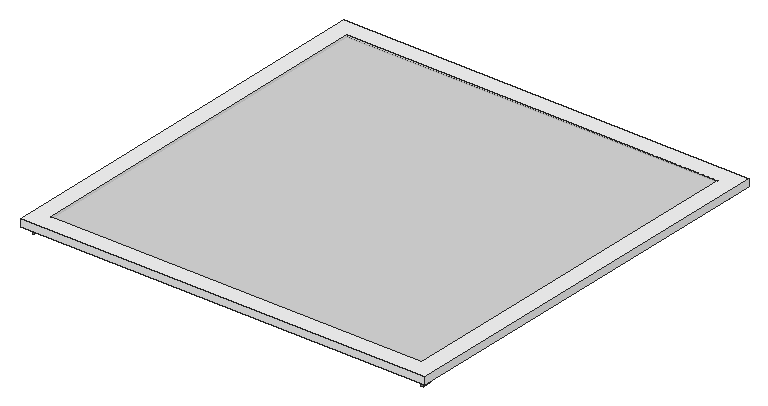
Revit family "0047647 Feilo Sylvania Lighting Fixtures START FLAT HE 600 4000K DALI G2", category Lighting Fixtures, host Face, Revit 2017
Family settings
  Host = Face
  Round Connector Dimension = Use Diameter
  Part Type = Normal
  OmniClass Number = 23.80.70.11.17
  OmniClass Title = Specialized Lighting by Location or Use
  Cut with Voids When Loaded = No
  Light Source = Yes
  Shared = No
  Room Calculation Point = No
Parameters (values of type "0047647 START FLAT HE 600 4000K DALI G2")
  Weight = "12.25 kg"
  Wattage = 36 W
  WarrantyStartDate [instance] = "n/a"
  WarrantyGuarantorParts = "n/a"
  WarrantyDurationUnit = "n/a"
  WarrantyDurationParts = "n/a"
  WarrantyDescription = "n/a"
  built-in parameter 1150110 = 1 (stored number, unit not read)
  Voltage = 230 V
  URL = "http://www.sylvania-lighting.com"
  TypeName = "START FLAT HE 600 4000K DALI G2"
  built-in parameter 1114217 = 1 (stored number, unit not read)
  Tilt Angle = -90.00°
  built-in parameter 1150109 = 1 (stored number, unit not read)
  built-in parameter 1150134 = 12
  built-in parameter 1150113 = 1 (stored number, unit not read)
  SerialNumber [instance] = "n/a"
  PowerFactor = 0.98
  PowerConsumption = "36 W"
  Photometric Web File = "0047647.ies"
  NominalWidth = 0.0 mm
  NominalLength = 595.0 mm
  NominalHeight = 10.5 mm
  Name = "START FLAT HE 600 4000K DALI G2"
  ModelReference = "START FLAT HE 600 4000K DALI G2"
  ModelNumber = "0047647"
  Material = "aluminium housing, pmma diffuser"
  ManufacturerName = "Feilo Sylvania"
  LuminousEfficacy = "120 lm/W"
  LuminaireType = ""
  LightOutputRatio = "n/a"
  LampsType = Lamp  # "Integrated LED"
  LampNominalLuminous = "4200 lm"
  LampMacAdamStep = "6"
  LampColourTemperature = "4000 K"
  LampColourRenderingIndex = "80"
  Keynote = "16500"
  InstallationDate [instance] = "n/a"
  InputVoltage = "220-240V~"
  InputNominalFrequency = "50/60 Hz"
  IngressProtection = "IP20"
  ImpactProtectionIndex = "IK03"
  IfcExportType = "IfcLightFixtureType"
  IfcExportAs = "IfcLightFixtureType"
  ExpectedLife = 50000
  ElectricShockClassification = "Class II"
  DurationUnit = "hours"
  DocumentationLiterature = "http://www.sylvania-lighting.com/product/en-int/products/0047647"
  DimmingControlOptions = "Dimmable"
  DiffuserMaterial = Polycarbonate_Sylvania_Startflat Panel LED_Opal
  Cutout Width = 574.0 mm
  Cutout Length = 574.0 mm
  CreatedOn = "11/30/2017"
  CreatedBy = ""
  built-in parameter 1114216 [instance] = 1 (stored number, unit not read)
  Model = "START FLAT HE 600 4000K DALI G2"
  Manufacturer = "Feilo-Sylvania Group"
  built-in parameter 1150105 = 343.77 (stored number, unit not read)
  Lumens = 4320 lm
  built-in parameter 1150115 = 1 (stored number, unit not read)
  built-in parameter 1150137 = (empty or 0)
  built-in parameter 1150139 = (empty or 0)
  built-in parameter 1150112 = 1 (stored number, unit not read)
  built-in parameter 1150114 = 1 (stored number, unit not read)
  Lamp = "Integrated LED"  # constant formula
  built-in parameter 1150132 = 2
  built-in parameter 1150102 = (empty or 0)
  built-in parameter 1150107 = 4000 (stored number, unit not read)
  built-in parameter 1150138 = (empty or 0)
  built-in parameter 1150106 = 3.4377 (stored number, unit not read)
  BodyMaterial = Metal_Sylvania_Startflat Panel LED_White
  Emit from Rectangle Width = 545.0 mm
  Emit from Rectangle Length = 545.0 mm
  Emit Shape Visible in Rendering = no
  built-in parameter 1150104 = 11.148 (stored number, unit not read)
  Dimming Lamp Color Temperature Shift = <None>
  Description = "Ultra thin LED Panel, excellent uniformity of light, perfect for ceilings with low voids, high efficacy.Ulta thin edgelit LED 600x600mm Panel with, excellent uniform light distribution. Acrylic PMMA diffuser optimising light output whilst reducing glare. 4239lm 93lm/W."  # constant formula
  Default Elevation = 0.0 mm
  Color Filter = 16777215
  built-in parameter 1140040 [instance] = 1
  BarCode [instance] = "n/a"
  built-in parameter 1114218 = 1 (stored number, unit not read)
  built-in parameter 1150133 = 10 (stored number, unit not read)
  AssetType = "Fixed"
  AssetIdentifier [instance] = "n/a"
  Assembly Code = "D5020200"
  Apparent Load = 36 VA
  MountingMaterial = Metal_Sylvania_Startflat Panel LED_Silver
Reference planes
  plane 1 "Center (Front/Back)": y = 0
  plane 2 "Fixture Top": z = 0
  plane 3 "Center (Left/Right)": x = 0
  plane 4: x = 295.5
  plane 5: x = -295.5
  plane 6 "Fixture Back": y = 297.5
  plane 7 "Fixture Front": y = -297.5
  plane 8 "Fixture Left": x = -297.5
  plane 9 "Fixture Right": x = 297.5
  plane 10: y = 295.5
  plane 11: y = -295.5
  plane 12: x = 272.5
  plane 13: x = -272.5
  plane 14: y = 272.5
  plane 15: y = -272.5
  plane 16: x = -287
  plane 17: x = 287
  plane 18: y = 287
  plane 19: y = -287
  plane 20 "Fixture Bottom": z = 10.5
  plane 21: z = 8.5
  plane 22: z = 6.5
  plane 23: z = -10
  plane 24: z = 2
Forms (mm)
  Extrusion 1, void
    sketch origin (0, 0, 60) x (-1, 0, 0) y (0, -1, 0)
      loop
        line (287, -287) -> (287, 287) -> (-287, 287) -> (-287, -287) -> (287, -287)
    from -70 to -60
  Extrusion 2, solid, material "Metal_Sylvania_Startflat Panel LED_White" <- "BodyMaterial", detail levels fine
    sketch origin (0, 0, 60) x (-1, 0, 0) y (0, -1, 0)
      loop
        line (297.5, -297.5) -> (297.5, 297.5) -> (-297.5, 297.5) -> (-297.5, -297.5) -> (297.5, -297.5)
      loop
        line (272.5, -272.5) -> (272.5, 272.5) -> (-272.5, 272.5) -> (-272.5, -272.5) -> (272.5, -272.5)
    from -51.5 to -49.5
  Extrusion 3, solid, material "Metal_Sylvania_Startflat Panel LED_White" <- "BodyMaterial", detail levels fine
    sketch origin (0, 0, 60) x (-1, 0, 0) y (0, -1, 0)
      loop
        line (297.5, -297.5) -> (297.5, 297.5) -> (-297.5, 297.5) -> (-297.5, -297.5) -> (297.5, -297.5)
      loop
        line (295.5, -295.5) -> (295.5, 295.5) -> (-295.5, 295.5) -> (-295.5, -295.5) -> (295.5, -295.5)
    from -60 to -51.5
  Extrusion 4, solid, material "Polycarbonate_Sylvania_Startflat Panel LED_Opal" <- "DiffuserMaterial", detail levels fine
    sketch origin (0, 0, 60) x (-1, 0, 0) y (0, -1, 0)
      loop
        line (295.5, -295.5) -> (295.5, 295.5) -> (-295.5, 295.5) -> (-295.5, -295.5) -> (295.5, -295.5)
    from -53.5 to -51.5
  Extrusion 5, solid, material "Metal_Sylvania_Startflat Panel LED_Silver" <- "MountingMaterial", detail levels fine
    sketch origin (0, 0, 60) x (-1, 0, 0) y (0, -1, 0)
      loop
        line (287, -287) -> (287, -272.5) -> (284, -272.5) -> (284, -287) -> (287, -287)
      loop
        line (-284, -287) -> (-284, -272.5) -> (-287, -272.5) -> (-287, -287) -> (-284, -287)
      loop
        line (-284, 272.5) -> (-284, 287) -> (-287, 287) -> (-287, 272.5) -> (-284, 272.5)
      loop
        line (284, 272.5) -> (287, 272.5) -> (287, 287) -> (284, 287) -> (284, 272.5)
    from -70 to -60
  Extrusion 6, solid, material "Metal_Sylvania_Startflat Panel LED_White" <- "BodyMaterial", detail levels fine
    sketch origin (0, 0, 60) x (-1, 0, 0) y (0, -1, 0)
      loop
        line (297.5, -297.5) -> (297.5, 297.5) -> (-297.5, 297.5) -> (-297.5, -297.5) -> (297.5, -297.5)
    from -60 to -58
  Extrusion 7, solid, material "Metal_Sylvania_Startflat Panel LED_White" <- "BodyMaterial", detail levels coarse+medium
    sketch origin (0, 0, 60) x (-1, 0, 0) y (0, -1, 0)
      loop
        line (297.5, -297.5) -> (297.5, 297.5) -> (-297.5, 297.5) -> (-297.5, -297.5) -> (297.5, -297.5)
    from -60 to -49.5
Cuts and joins
  joined: Extrusion 2, Extrusion 3, Extrusion 6
Dimensions and locks
  equal spacing: plane 6 "Fixture Back", plane 1 "Center (Front/Back)", plane 7 "Fixture Front"
  locked: plane 6 "Fixture Back" to plane 7 "Fixture Front" at 595
  equal spacing: plane 8 "Fixture Left", plane 3 "Center (Left/Right)", plane 9 "Fixture Right"
  locked: plane 8 "Fixture Left" to plane 9 "Fixture Right" at 595
  locked: plane 8 "Fixture Left" to plane 5 at 2
  locked: plane 4 to plane 9 "Fixture Right" at 2
  locked: plane 6 "Fixture Back" to plane 10 at 2
  locked: plane 11 to plane 7 "Fixture Front" at 2
  locked: plane 12 to plane 9 "Fixture Right" at 25
  locked: plane 8 "Fixture Left" to plane 13 at 25
  locked: plane 6 "Fixture Back" to plane 14 at 25
  locked: plane 15 to plane 7 "Fixture Front" at 25
  equal spacing: plane 16, plane 3 "Center (Left/Right)", plane 17
  "Cutout Length": plane 16 to plane 17
  equal spacing: plane 18, plane 1 "Center (Front/Back)", plane 19
  "Cutout Width": plane 18 to plane 19
  locked: plane 20 "Fixture Bottom" to plane 2 "Fixture Top" at 10.5
  plane 20 "Fixture Bottom" to plane 21 to plane 22 = 2.0 mm locked, 2.0 mm locked
  locked: plane 2 "Fixture Top" to plane 23 at 10
  locked: plane 16 to Extrusion 5 sketch curve at 3
  locked: Extrusion 5 sketch curve to plane 17 at 3
  locked: plane 24 to plane 2 "Fixture Top" at 2
  aligned and locked: level to host face
  aligned and locked: imposter light to plane 1 "Center (Front/Back)"
  aligned and locked: plane 2 "Fixture Top" to Extrusion 1
  aligned and locked: Extrusion 2 sketch curve to plane 6 "Fixture Back"
  aligned and locked: plane 8 "Fixture Left" to Extrusion 2 sketch curve
  aligned and locked: plane 7 "Fixture Front" to Extrusion 2 sketch curve
  aligned and locked: Extrusion 2 sketch curve to plane 9 "Fixture Right"
  aligned and locked: Extrusion 2 sketch curve to plane 14
  aligned and locked: plane 13 to Extrusion 2 sketch curve
  aligned and locked: plane 15 to Extrusion 2 sketch curve
  aligned and locked: Extrusion 2 sketch curve to plane 12
  aligned and locked: Extrusion 3 sketch curve to Extrusion 2  (x4)
  aligned and locked: Extrusion 3 sketch curve to plane 10
  aligned and locked: plane 5 to Extrusion 3 sketch curve
  aligned and locked: plane 11 to Extrusion 3 sketch curve
  aligned and locked: Extrusion 3 sketch curve to plane 4
  aligned and locked: Extrusion 4 sketch curve to cut or joined group of Extrusion 2, Extrusion 3, Extrusion 6  (x4)
  aligned and locked: plane 16 to Extrusion 1 sketch curve
  aligned and locked: Extrusion 1 sketch curve to plane 17
  aligned and locked: Extrusion 1 sketch curve to plane 18
  aligned and locked: plane 19 to Extrusion 1 sketch curve
  aligned and locked: plane 20 "Fixture Bottom" to cut or joined group of Extrusion 2, Extrusion 3, Extrusion 6
  aligned and locked: cut or joined group of Extrusion 2, Extrusion 3, Extrusion 6 to plane 21
  aligned and locked: plane 21 to cut or joined group of Extrusion 2, Extrusion 3, Extrusion 6
  aligned and locked: cut or joined group of Extrusion 2, Extrusion 3, Extrusion 6 to plane 2 "Fixture Top"
  aligned and locked: plane 21 to Extrusion 4
  aligned and locked: Extrusion 4 to plane 22
  aligned and locked: level to plane 2 "Fixture Top"
  aligned and locked: plane 3 "Center (Left/Right)" to imposter light
  aligned and locked: plane 20 "Fixture Bottom" to imposter light
  aligned and locked: Extrusion 5 sketch curve to plane 18  (x2)
  aligned and locked: plane 16 to Extrusion 5 sketch curve
  aligned and locked: cut or joined group of Extrusion 2, Extrusion 3, Extrusion 6 to Extrusion 5 sketch curve  (x3)
  aligned and locked: plane 14 to Extrusion 5 sketch curve
  aligned and locked: Extrusion 5 sketch curve to plane 17  (x2)
  aligned and locked: plane 19 to Extrusion 5 sketch curve
  aligned and locked: Extrusion 5 sketch curve to plane 19
  aligned and locked: Extrusion 5 sketch curve to plane 16
  aligned and locked: Extrusion 5 to plane 23
  aligned and locked: Extrusion 5 sketch curve to Extrusion 5 sketch curve  (x2)
  aligned and locked: Extrusion 6 sketch curve to cut or joined group of Extrusion 2, Extrusion 3, Extrusion 6  (x4)
  aligned and locked: Extrusion 6 to plane 2 "Fixture Top"
  aligned and locked: plane 24 to Extrusion 6
  aligned and locked: plane 2 "Fixture Top" to Extrusion 5
  aligned and locked: Extrusion 7 sketch curve to cut or joined group of Extrusion 2, Extrusion 3, Extrusion 6  (x4)
  aligned and locked: Extrusion 7 to plane 2 "Fixture Top"
  aligned and locked: plane 20 "Fixture Bottom" to Extrusion 7
  aligned and locked: Extrusion 1 to Extrusion 5
Automatic sketch dimensions
  host sketch curve to host sketch curve = 1461.012 mm
  host sketch curve to host sketch curve = 1283.632 mm
Connectors
  electrical at (0, 0, 0), driven by "Apparent Load"
    settings: on cut or joined group of Extrusion 2, Extrusion 3, Extrusion 6, index 1, voltage 230 V, apparent load 0 VA, apparent load phase1 36 VA, apparent load phase2 0 VA, apparent load phase3 0 VA, power factor 1, load classification "Lighting", number of poles 1, system type 31, power factor state 1, is connector primary yes, connector utility no, sub classification motor no, connector description ""
